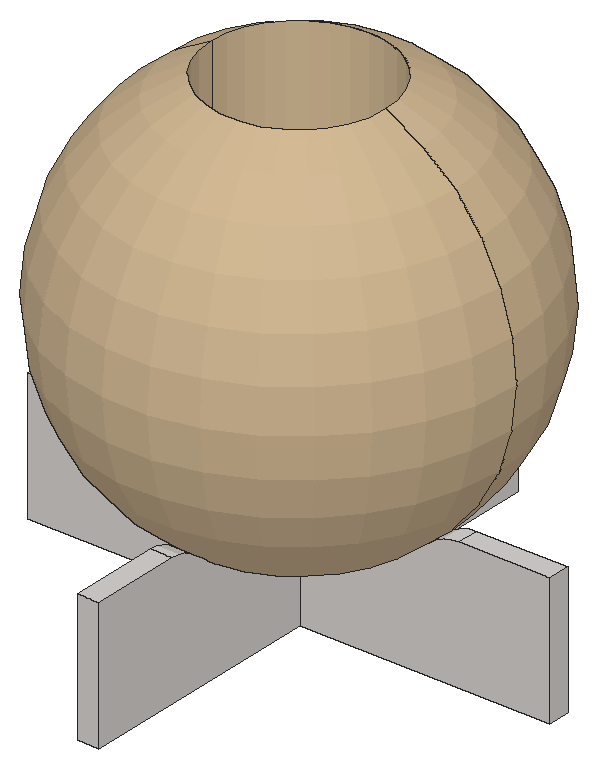
Revit family "VASO DE FLOR ESFERA", category Sistema de mobiliário, Revit 2021
Family settings
  Cota do conector redondo = Utilizar diâmetro
  Tipo de parte = Normal
  Com base no plano de trabalho = Não
  Sempre na vertical = Sim
  Corte com vazios quando carregada = Não
  Compartilhado = Não
  Ponto de cálculo do ambiente = Não
Parameters
  Elevação padrão = 0.0 cm
Reference planes (cm)
  plane 1 "Centro (Frente/Trás)": y = 0
  plane 2: z = 0
  plane 3 "Centro (Esquerda/Direita)": x = 0
  plane 4: x = -115
  plane 5: x = 115
  plane 6: y = -45.4439
  plane 7: y = 45.4439
Forms (cm)
  Extrusion 1, solid, material "INOX"
    sketch origin (339.8299, 186.103, 0) x (0, -1, 0) y (0, 0, 1)
      loop
        line (56.5793, 7.0367) -> (68.5793, 7.0367) -> (68.5793, 10.0367) -> (66.4845, 10.0367)
        arc (66.4845, 10.0367) -> (66.1259, 9.9702) -> (65.815, 9.7795) r 1
        arc (65.815, 9.7795) -> (62.5793, 8.5917) -> (59.3437, 9.7795) r 5.0011
        arc (59.3437, 9.7795) -> (59.0328, 9.9702) -> (58.6742, 10.0367) r 1
        line (58.6742, 10.0367) -> (56.5793, 10.0367) -> (56.5793, 7.0367)
    from 0 to 0.5
  Extrusion 2, solid, material "INOX"
    sketch origin (277.0006, 123.7737, 0) x (1, 0, 0) y (0, 0, 1)
      loop
        line (56.5793, 7.0367) -> (68.5793, 7.0367) -> (68.5793, 10.0367) -> (66.4845, 10.0367)
        arc (66.4845, 10.0367) -> (66.1375, 9.9745) -> (65.8336, 9.7959) r 1
        arc (65.8336, 9.7959) -> (62.5793, 8.5919) -> (59.3251, 9.7959) r 5
        arc (59.3251, 9.7959) -> (59.0212, 9.9745) -> (58.6742, 10.0367) r 1
        line (58.6742, 10.0367) -> (56.5793, 10.0367) -> (56.5793, 7.0367)
    from 0 to 0.5
  Extrusion 3, void
    sketch origin (333.5799, 123.7737, 7.0367) x (0, 0, 1) y (0, 1, 0)
      loop
        line (0, 0) -> (0, -0.5) -> (1.5065, -0.5)
        arc (1.5065, -0.5) -> (1.5, -0.25) -> (1.5065, 0) r 4.8333
        line (1.5065, 0) -> (0, 0)
    from -8.1959 to -3.9115
  Revolve 4, solid, material "MADEIRA NATURAL"
    sketch origin (273.8819, 123.5084, -1.875) x (1, 0, 0) y (0, 0, 1)
      loop
        arc (65.7396, 10.4705) -> (70.6338, 14.4475) -> (67.7424, 20.0519) r 5
        line (67.7424, 20.0519) -> (67.7424, 16.8894) -> (65.7396, 16.8894) -> (65.7396, 10.4705)
      axis (65.7396, 20.0519) -> (65.7396, 10.4705)
    angle from 0 to 360
Cuts and joins
  Extrusion 3 cuts Extrusion 1
Dimensions and locks (cm)
  equal spacing: plane 4, plane 3 "Centro (Esquerda/Direita)", plane 5
  plane 6 to plane 7 = 90.8877 cm
  plane 4 to plane 5 = 230.0 cm
  aligned and locked: level to plane 2
Automatic sketch dimensions
  level to Extrusion 2 sketch curve = 10.0367 cm
  plane 5 to Extrusion 2 sketch curve = 218.5799 cm
  Extrusion 2 sketch curve to Extrusion 2 sketch curve = 2.0949 cm  (x2)
  Extrusion 2 sketch curve to Extrusion 2 sketch curve = 3.9051 cm  (x2)
  Extrusion 2 sketch curve to Extrusion 2 sketch curve = 1.0 cm  (x3)
  Extrusion 2 sketch curve to Extrusion 2 sketch curve = 2.0 cm
  Extrusion 2 sketch curve to Extrusion 2 sketch curve = 3.5552 cm
  Extrusion 2 sketch curve to Extrusion 2 sketch curve = 0.0 cm
  Extrusion 3 sketch curve to Extrusion 2 = 0.0 cm  (x2)
  Extrusion 2 to Extrusion 3 sketch curve = 0.0 cm
  Extrusion 2 to Extrusion 3 sketch curve = 1.4935 cm
  Extrusion 3 sketch curve to Extrusion 3 sketch curve = 0.0 cm
  Extrusion 3 sketch curve to Extrusion 2 = 3.3333 cm
  level to Revolve 4 sketch curve = 8.5955 cm
  plane 5 to Revolve 4 sketch curve = 224.6215 cm
  Revolve 4 sketch curve to Revolve 4 sketch curve = 2.0028 cm  (x2)
  Revolve 4 sketch curve to Revolve 4 sketch curve = 5.0 cm
  Revolve 4 sketch curve to Revolve 4 sketch curve = 1.4188 cm
  Revolve 4 sketch curve to Revolve 4 sketch curve = 2.926 cm
  Revolve 4 sketch curve to Revolve 4 sketch curve = 2.4927 cm
  level to Extrusion 1 sketch curve = 7.0367 cm
  Extrusion 1 sketch curve to plane 7 = 84.0798 cm
  Extrusion 1 sketch curve to Extrusion 1 sketch curve = 2.0949 cm  (x2)
  Extrusion 1 sketch curve to Extrusion 1 sketch curve = 3.9051 cm
  Extrusion 1 sketch curve to Extrusion 1 sketch curve = 2.0 cm  (x2)
  Extrusion 1 sketch curve to Extrusion 1 sketch curve = 1.0 cm  (x2)
  Extrusion 1 sketch curve to Extrusion 1 sketch curve = 3.5562 cm
  Extrusion 1 sketch curve to Extrusion 1 sketch curve = 0.6694 cm  (x2)
